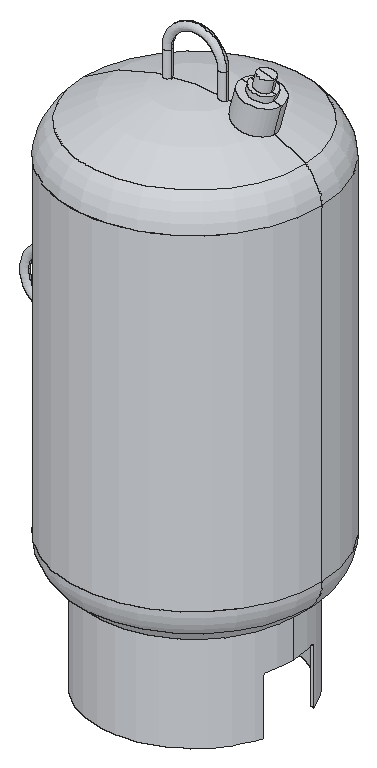
Revit family
Parameters (values of type "ST-85-L 150# W.P. 10 BAR")
  Weight = "92 lbs"
  Tank Volume = "22 Gal"
  Tank Height/Length = 33.938"
  Tank Diameter = 16.000"
  Side Lifting Ring Location = Shell Length / 2  # 10.094"
  Shell Length = 20.188"
  Pipe Connector Diameter = Pipe Connection Radius * 2  # 1.000"
  Pipe Connection Radius = 0.500"
  Model = "ST-85-L"
  Maximum Acceptance Volume = "11 Gal"
  Max Operating Temp = "240 DEG F"
  Max Operating Pressure = "150 PSI"
  Manufacturer = "Amtrol"
  Lifting Ring Location = 3.500" / 2  # 1.750"
  Floor to Elbow Centerline = 1.313"
  Floor to Bottom of Tank = 3.286"
  Bladder/Diaphragm = "Bladder"
  ASME = yes
Types (3): name | Weight | Tank Volume | Tank Height/Length | Side Lifting Ring Location | Shell Length | Model
  (no name) | "92 lbs" | "22 Gal" | 33.938" | 10.094" | 20.188" | "ST-85-L"
  ST-100-L 150# W.P. 10 BAR | "98 lbs" | "26 Gal" | 38.625" | 12.4375" | 24.875" | "ST-100-L"
  ST-85-L 150# W.P. 10 BAR | "92 lbs" | "22 Gal" | 33.938" | 10.094" | 20.188" | "ST-85-L"
Reference planes (in)
  plane 1 "Center (Front/Back)": y = 0
  plane 2: z = 0
  plane 3 "Center (Left/Right)": x = 0
Forms (in)
  Revolve 1, solid
    sketch origin (0, 0, 0) x (1, 0, 0) y (0, 0, 1)
      loop
        line (-6.21408, 0) -> (-6.02608, 0) -> (-6.02608, 7.44707) -> (-6.21408, 7.44707) -> (-6.21408, 0)
      axis (0, 0) -> (0, 7.44707)
    angle from 0 to 360
  Revolve 2, solid
    sketch origin (0, 0, 0) x (1, 0, 0) y (0, 0, 1)
      loop
        line (0.6492, 3.3675) -> (0.6492, 4.19707) -> (0, 4.19707) -> (0, 3.3675) -> (0.6492, 3.3675)
      axis (0, 3.3675) -> (0, 4.19707)
    angle from 0 to 360
  Extrusion 3, void
    sketch origin (0, 0, 0) x (0, 1, 0) y (0, 0, 1)
      loop
        line (0, 3.70581) -> (-1.75, 3.70581)
        arc (-1.75, 3.70581) -> (-1.92678, 3.63258) -> (-2, 3.45581) r 0.25
        line (-2, 3.45581) -> (-2, -0.25) -> (2, -0.25) -> (2, 3.45581)
        arc (2, 3.45581) -> (1.92678, 3.63258) -> (1.75, 3.70581) r 0.25
        line (1.75, 3.70581) -> (0, 3.70581)
    from 3.88729 to 12
  Sweep 4, solid
    path origin (0, 0, 0) x (1, 0, 0) y (0, 0, 1)
      loop
        line (0, 2.813) -> (0, 2.511)
        arc (0, 2.511) -> (0.35089, 1.66389) -> (1.198, 1.313) r 1.198
        line (1.198, 1.313) -> (1.5, 1.313)
    profile origin (0, 0, 2.662) x (0, -1, 0) y (1, 0, 0)
      loop
        circle (0, 0) r 0.75
  Revolve 5, solid
    sketch origin (0, 0, 0) x (1, 0, 0) y (0, 0, 1)
      loop
        arc (8, 29.88889) -> (7.69523, 30.99622) -> (6.97852, 31.89366) r 2.85302
        arc (6.97852, 31.89366) -> (3.64531, 33.44851) -> (0, 33.938) r 12.18572
        line (0, 33.938) -> (0, 3.286) -> (3.18292, 3.286) -> (3.18292, 3.786) -> (2.165, 3.786) -> (2.165, 3.982) -> (3.18292, 3.982) -> (3.18292, 4.89275)
        arc (3.18292, 4.89275) -> (3.29039, 4.93727) -> (3.33491, 5.04474) r 0.15199
        arc (3.33491, 5.04474) -> (5.51061, 5.73074) -> (7.34444, 7.0877) r 6.911
        arc (7.34444, 7.0877) -> (7.82992, 7.83527) -> (8, 8.71027) r 2.33578
        line (8, 8.71027) -> (8, 29.88889)
      axis (0, 3.286) -> (0, 33.938)
    angle from 0 to 360
  Revolve 6, solid
    sketch origin (0, 0, 0) x (1, 0, 0) y (0, 0, 1)
      loop
        line (0, 2.813) -> (0.65074, 2.813) -> (0.65074, 4.313) -> (0, 4.313) -> (0, 2.813)
      axis (0, 2.813) -> (0, 4.313)
    angle from 0 to 360
  Revolve 7, solid
    sketch origin (0, 0, 0) x (1, 0, 0) y (0, 0, 1)
      loop
        line (3.71899, 33.13446) -> (4.98039, 32.79647) -> (5.47078, 34.62663) -> (4.98781, 34.75604) -> (5.08486, 35.11823) -> (4.81775, 35.1898) -> (5.01993, 35.94437) -> (4.50861, 36.08137) -> (3.71899, 33.13446)
      axis (3.71899, 33.13446) -> (4.50861, 36.08137)
    angle from 0 to 360
  Sweep 8, solid
    path origin (0, 0, 0) x (1, 0, 0) y (0, 0, 1)
      loop
        line (-1.72794, 33.65652) -> (-1.72794, 35.40652)
        arc (-1.72794, 35.40652) -> (0.02206, 37.15652) -> (1.77206, 35.40652) r 1.75
        line (1.77206, 35.40652) -> (1.77206, 33.65652)
    profile origin (-1.72794, 0, 34.53152) x (-1, 0, 0) y (0, -1, 0)
      loop
        circle (0, 0) r 0.25
  Sweep 9, solid
    path origin (0, 0, 0) x (1, 0, 0) y (0, 0, 1)
      loop
        line (-7.93624, 21.54489) -> (-8.93624, 21.54489)
        arc (-8.93624, 21.54489) -> (-10.68624, 19.79489) -> (-8.93624, 18.04489) r 1.75
        line (-8.93624, 18.04489) -> (-7.93624, 18.04489)
    profile origin (-8.43624, 0, 21.54489) x (0, 0, -1) y (0, -1, 0)
      loop
        circle (0, 0) r 0.25
Cuts and joins
  Extrusion 3 cuts Revolve 1
  Extrusion 3 cuts Revolve 2
Dimensions and locks (in)
  "Floor to Elbow Centerline": Sweep 4 sketch curve to cut or joined group of Revolve 1, Extrusion 3
  "Floor to Bottom of Tank": Revolve 5 sketch curve to cut or joined group of Revolve 1, Extrusion 3
  "Tank Height/Length": Revolve 5 sketch curve to cut or joined group of Revolve 1, Extrusion 3
  Revolve 5 sketch curve to Revolve 5 sketch curve = 9.35369"
  Revolve 7 sketch curve to Revolve 5 = 0.90281"
  Revolve 7 sketch curve to Revolve 5 = 1.2408"
  Revolve 7 sketch curve to Revolve 7 sketch curve = 3.05087"
  Revolve 7 sketch curve to Revolve 7 sketch curve = 2.26969"
  Revolve 7 sketch curve to Revolve 7 sketch curve = 1.89473"
  Sweep 8 sketch curve to Revolve 5 = 1.76286"  (x2)
  "Side Lifting Ring Location": Revolve 5 to Sweep 9 sketch curve
  aligned and locked: plane 1 "Center (Front/Back)" to import instance
  aligned and locked: import instance to plane 3 "Center (Left/Right)"
Automatic sketch dimensions
  Revolve 2 sketch curve to plane 3 "Center (Left/Right)" = 0.000"  (x2)
  plane 3 "Center (Left/Right)" to Revolve 2 sketch curve = 0.6492"
  level to Revolve 2 sketch curve = 3.3675"
  Revolve 2 sketch curve to Revolve 2 sketch curve = 0.000"
  Revolve 2 sketch curve to Revolve 2 sketch curve = 0.82957"
  Revolve 2 sketch curve to Revolve 2 sketch curve = 1.25068"
  Extrusion 3 sketch curve to plane 1 "Center (Front/Back)" = 0.000"
  plane 1 "Center (Front/Back)" to Extrusion 3 sketch curve = 1.750"
  Extrusion 3 sketch curve to Extrusion 3 sketch curve = 0.250"  (x2)
  Extrusion 3 sketch curve to plane 1 "Center (Front/Back)" = 1.750"
  Extrusion 3 sketch curve to level = 0.250"
  level to Extrusion 3 sketch curve = 3.45581"
  Sweep 4 sketch curve to plane 3 "Center (Left/Right)" = 0.000"
  Sweep 4 sketch curve to Sweep 4 sketch curve = 1.198"
  Sweep 4 sketch curve to Sweep 4 sketch curve = 0.302"  (x2)
  plane 1 "Center (Front/Back)" to Sweep 4 sketch curve = 0.000"
  Sweep 4 sketch curve to profile plane = 0.000"
  Revolve 5 sketch curve to plane 3 "Center (Left/Right)" = 0.000"  (x2)
  plane 3 "Center (Left/Right)" to Revolve 5 sketch curve = 0.2195"
  plane 3 "Center (Left/Right)" to Revolve 5 sketch curve = 2.165"
  plane 3 "Center (Left/Right)" to Revolve 5 sketch curve = 2.37308"
  Revolve 5 sketch curve to Revolve 5 sketch curve = 1.01792"
  Revolve 5 sketch curve to Revolve 5 sketch curve = 0.000"  (x3)
  Revolve 5 sketch curve to Revolve 5 sketch curve = 0.15199"
  plane 3 "Center (Left/Right)" to Revolve 5 sketch curve = 5.15317"
  Revolve 5 sketch curve to Revolve 5 sketch curve = 2.32931"
  Revolve 5 sketch curve to Revolve 5 sketch curve = 1.82535"
  Revolve 5 sketch curve to Revolve 5 sketch curve = 1.68022"
  Revolve 5 sketch curve to Revolve 5 sketch curve = 1.02148"
  Revolve 5 sketch curve to Revolve 5 sketch curve = 0.500"
  Revolve 5 sketch curve to Revolve 5 sketch curve = 0.196"
  Revolve 5 sketch curve to Revolve 5 sketch curve = 0.91075"
  Revolve 5 sketch curve to Revolve 5 sketch curve = 0.18791"
  Revolve 5 sketch curve to Revolve 5 sketch curve = 4.64337"
  Revolve 6 sketch curve to plane 3 "Center (Left/Right)" = 0.000"  (x2)
  plane 3 "Center (Left/Right)" to Revolve 6 sketch curve = 0.65074"
  level to Revolve 6 sketch curve = 2.813"
  Revolve 6 sketch curve to Revolve 6 sketch curve = 0.000"
  Revolve 6 sketch curve to Revolve 6 sketch curve = 1.500"
  Revolve 6 sketch curve to Revolve 6 sketch curve = 0.500"
  Revolve 1 sketch curve to level = 0.000"  (x2)
  Revolve 1 sketch curve to plane 3 "Center (Left/Right)" = 0.000"
  Revolve 1 sketch curve to plane 3 "Center (Left/Right)" = 6.02608"
  Revolve 1 sketch curve to Revolve 1 sketch curve = 0.188"
  level to Revolve 1 sketch curve = 7.44707"
  Revolve 1 sketch curve to Revolve 1 sketch curve = 1.05293"
  plane 3 "Center (Left/Right)" to Revolve 7 sketch curve = 3.71899"
  Revolve 7 sketch curve to Revolve 7 sketch curve = 0.01295"
  Revolve 7 sketch curve to Revolve 7 sketch curve = 0.78962"
  Revolve 7 sketch curve to Revolve 7 sketch curve = 0.16799"
  Revolve 7 sketch curve to Revolve 7 sketch curve = 0.65303"
  Revolve 7 sketch curve to Revolve 7 sketch curve = 0.17006"
  Revolve 7 sketch curve to Revolve 7 sketch curve = 0.04834"
  Revolve 7 sketch curve to Revolve 7 sketch curve = 0.62696"
  Sweep 8 sketch curve to plane 3 "Center (Left/Right)" = 1.72794"
  plane 3 "Center (Left/Right)" to Sweep 8 sketch curve = 0.02206"
  Sweep 8 sketch curve to Sweep 8 sketch curve = 1.750"
  plane 1 "Center (Front/Back)" to Sweep 8 sketch curve = 0.000"
  Sweep 8 sketch curve to profile plane = 0.000"
  Sweep 9 sketch curve to plane 3 "Center (Left/Right)" = 8.93624"
  Sweep 9 sketch curve to Sweep 9 sketch curve = 1.000"  (x2)
  Sweep 9 sketch curve to Sweep 9 sketch curve = 1.750"
  Sweep 9 sketch curve to plane 1 "Center (Front/Back)" = 0.000"
  Sweep 9 sketch curve to profile plane = 0.000"
  radius of Sweep 4 sketch curve = 0.750"
  radius of Sweep 8 sketch curve = 0.250"
  radius of Sweep 9 sketch curve = 0.250"
Connectors (in)
  piping at (1.5, 0, 1.313), driven by "Pipe Connection Radius"
    settings: on Sweep 4, index 1
